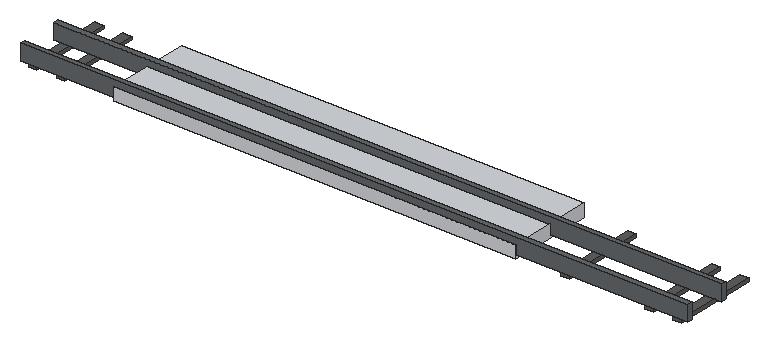
Revit family "1113-2, Solid", category Generic Models, host Face, Revit 2020
Family settings
  Host = Face
  Can host rebar = No
  Round Connector Dimension = Use Diameter
  Part Type = Normal
  Cut with Voids When Loaded = No
  Shared = No
  Room Calculation Point = No
Parameters
  min_value [instance] = 1' - 11 1/4"  # constant formula
  max_value [instance] = 11' - 11 1/4"  # constant formula
  actual_value [instance] = if(NET LENGTH < min_value, min_value, if(NET LENGTH > max_value, max_value, NET LENGTH))  # 7' - 11 1/4"
  SCRIM MATERIAL [instance] = SCRIM
  SCRIM [instance] = yes
  NET LENGTH [instance] = 7' - 11 1/4"
  Default Elevation = 4' - 0"
  BACKER MATERIAL [instance] = BLACK-BACKERS
  .. MEMBER WIDTH [instance] = 0' - 0 3/4"  # constant formula
  .. MEMBER MATERIAL [instance] = Solid Western Hemlock
  .. MEMBER LENGTH [instance] = actual_value  # 7' - 11 1/4"
  .. MEMBER DEPTH [instance] = 0' - 2 1/4"  # constant formula
  .. MEMBER COUNT [instance] = 2  # constant formula
  IMPORTANT NOTE!!!                                                                             *Backer layout is for visualization purposes only, final layout to be determined by 9Wood. [instance] = ""
Reference planes (in)
  plane 1 "Center (Front/Back)": y = 0
  plane 2: z = 1.82209
  plane 3 "Center (Left/Right)": x = 0
Forms (in)
  Extrusion 1, solid
    sketch origin (132, -33.80483, 0) x (1, 0, 0) y (0, 1, 0)
      loop
        line (-118.625, 33.80483) -> (-61.26146, 33.80483) -> (-61.26146, 45.86733) -> (-118.625, 45.86733) -> (-118.625, 33.80483)
    from 1.82209 to 0
Dimensions and locks (in)
  aligned and locked: Extrusion 1 to plane 2
  aligned and locked: plane 3 "Center (Left/Right)" to nested 1
Nested families (in)
  nested 1: "1100 SERIES CONFIG" at (0, 2, 0), .. MEMBER DEPTH <- ".. MEMBER DEPTH", .. MEMBER LENGTH <- ".. MEMBER LENGTH", .. MEMBER WIDTH <- ".. MEMBER WIDTH", .. MEMBER MATERIAL <- ".. MEMBER MATERIAL", BACKING M MATERIAL <- "BACKER MATERIAL", SCRIM  MATERIAL <- "SCRIM MATERIAL", .. MEMBER COUNT <- ".. MEMBER COUNT", SCRIM <- "SCRIM", type "1100 SERIES CONFIG"
    with X 7' - 8", SCRIM OVERHANG 2 0' - 0 3/32", SCRIM OVERHANG 0' - 0 7/8", SCRIM LENGTH 8' - 1", SCRIM  MATERIAL SCRIM, SCRIM yes, NOMINAL LENGTH 7, N 8, Inset 6' - 0 3/8", INSET 0' - 1", INDEX 0' - 5 5/8", HALF MEMBER WIDTH 0' - 0 3/8", HALF LENGTH 3' - 11 5/8", END BACKER yes, BACKING M WIDTH 0' - 1 1/4", BACKING M OC SPACING 1' - 0", BACKING M MATERIAL BLACK-BACKERS, BACKING M LENGTH 0' - 11 7/8", BACKING M DEPTH 0' - 0 1/2", BACKING M COUNT 8, 3/16" INSET 0' - 0 3/16", .. MEMBER WIDTH 0' - 0 3/4", .. MEMBER OC SPACING 0' - 6", .. MEMBER MATERIAL Solid Western Hemlock, .. MEMBER LENGTH 7' - 11 1/4", .. MEMBER DEPTH 0' - 2 1/4", .. MEMBER COUNT 2
Definition of nested family "1100 SERIES CONFIG"
  Parameters (values of type "1100 SERIES CONFIG")
    X [instance] = .. MEMBER LENGTH - 0' 3 1/4"  # 3' - 2"
    SCRIM OVERHANG 2 [instance] = 0' - 0 3/32"  # constant formula
    SCRIM OVERHANG [instance] = 0' - 0 7/8"  # constant formula
    SCRIM LENGTH [instance] = .. MEMBER LENGTH + (SCRIM OVERHANG * 2)  # 3' - 7"
    SCRIM  MATERIAL [instance] = none
    SCRIM [instance] = yes
    NOMINAL LENGTH [instance] = 7
    N [instance] = if((X - (rounddown(X / 1' 0") * 1' 0")) > 1' 0", rounddown(X / 1' 0") + 2, rounddown(X / 1' 0") + 1)  # 4
    Inset [instance] = 6' - 0 3/8"  # constant formula
    INSET [instance] = 0' - 1"  # constant formula
    INDEX [instance] = (.. MEMBER LENGTH - ((N - 1) * 1' 0")) / 2  # 0' - 2 5/8"
    HALF MEMBER WIDTH [instance] = .. MEMBER WIDTH / 2  # 0' - 0 5/16"
    HALF LENGTH [instance] = .. MEMBER LENGTH / 2  # 1' - 8 5/8"
    END BACKER [instance] = INDEX > 0' 3 5/8"  # no
    Default Elevation = 0' - 0"
    BACKING M WIDTH [instance] = 0' - 1 1/4"
    BACKING M SPACING = 3' - 3"
    BACKING M MATERIAL [instance] = none
    BACKING M LENGTH [instance] = 0' - 11 7/8"
    BACKING M DEPTH [instance] = 0' - 0 1/2"
    BACKING M COUNT [instance] = N  # 4
    BACKING M OC SPACING [instance] = 1' - 0"  # constant formula
    3/16" INSET [instance] = 0' - 0 3/16"  # constant formula
    .. MEMBER WIDTH [instance] = 0' - 0 5/8"
    .. MEMBER OC SPACING [instance] = 1' 0" / .. MEMBER COUNT  # 0' - 4"
    .. MEMBER MATERIAL [instance] = none
    .. MEMBER LENGTH [instance] = 3' - 5 1/4"
    .. MEMBER DEPTH [instance] = 0' - 1 3/8"
    .. MEMBER COUNT [instance] = 3
  Reference planes (in)
    plane 1 "Center (Front/Back)": y = -2
    plane 2: z = 0
    plane 3 "Center (Left/Right)": x = 0
    plane 4: x = 1
    plane 5: x = 2.625
    plane 6: x = 20.625
    plane 7: x = 41.25
    plane 8: x = 40.25
    plane 9: x = 14.625
    plane 10: y = -1.8125
    plane 11: y = -1.6875
    plane 12: y = 2.3125
    plane 13: x = 42.125
    plane 14: x = -0.875
    plane 15: z = 0.5
    plane 16: y = 10.0625
    plane 17: y = 10.15625
    plane 18: y = -2.09375
  Dimensions and locks (in)
    "INSET": plane 3 "Center (Left/Right)" to plane 4
    "INDEX": plane 3 "Center (Left/Right)" to plane 5
    "HALF LENGTH": plane 3 "Center (Left/Right)" to plane 6
    ".. MEMBER LENGTH": plane 3 "Center (Left/Right)" to plane 7
    "INSET": plane 8 to plane 7
    equal spacing: group 2, group 3, group 6, group 7  (x3)
    "3/16" INSET": plane 1 "Center (Front/Back)" to plane 10
    ".. MEMBER OC SPACING": plane 12 to plane 11
    "SCRIM OVERHANG": plane 14 to plane 3 "Center (Left/Right)"
    "SCRIM OVERHANG": plane 7 to plane 13
    equal spacing: group 5, group 4, group 1  (x2)
    equal spacing: group 1, group 4, group 5
    "HALF MEMBER WIDTH": plane 1 "Center (Front/Back)" to plane 11
    "BACKING M OC SPACING": plane 5 to plane 9
    "SCRIM OVERHANG 2": plane 17 to plane 16
    "SCRIM OVERHANG 2": plane 18 to plane 1 "Center (Front/Back)"
    aligned and locked: level to plane 2
    aligned and locked: plane 6 to nested 1
    aligned and locked: nested 2 to plane 4
    aligned and locked: plane 5 to nested 3
    aligned and locked: plane 1 "Center (Front/Back)" to nested 1
    aligned and locked: nested 2 to plane 10
    aligned and locked: nested 3 to plane 10
    aligned and locked: nested 5 to plane 10
    aligned and locked: nested 4 to plane 10
    aligned and locked: plane 12 to nested 6
    aligned and locked: nested 6 to plane 3 "Center (Left/Right)"
    aligned and locked: plane 9 to nested 5
    aligned and locked: plane 8 to nested 4
    aligned and locked: plane 15 to nested 2
    aligned and locked: nested 7 to plane 15
    aligned and locked: nested 6 to plane 15
  Nested families (in)
    nested 1: "INSTANCE - Parametric Cube" at (20.625, -1.6875, 1.875), Length <- ".. MEMBER WIDTH", Height <- ".. MEMBER DEPTH", Width <- ".. MEMBER LENGTH", Material <- ".. MEMBER MATERIAL", type "INSTANCE - Parametric Cube"
      with Width 3' - 5 1/4", Material none, Length 0' - 0 5/8", Height 0' - 1 3/8"
    nested 2: "2ND INSTANCE - Parametric Cube" at (1.625, 4.125, 0), Height <- "BACKING M DEPTH", Length <- "BACKING M LENGTH", Width <- "BACKING M WIDTH", Material <- "BACKING M MATERIAL", visible <- "END BACKER", type "2ND INSTANCE - Parametric Cube"
      with Width 0' - 1 1/4", Material none, Length 0' - 11 7/8", Height 0' - 0 1/2"
    nested 3: "2ND INSTANCE - Parametric Cube" at (2.625, 4.125, 0), Length <- "BACKING M LENGTH", Height <- "BACKING M DEPTH", Width <- "BACKING M WIDTH", Material <- "BACKING M MATERIAL", type "2ND INSTANCE - Parametric Cube"
      with Width 0' - 1 1/4", Material none, Length 0' - 11 7/8", Height 0' - 0 1/2"
    nested 4: "2ND INSTANCE - Parametric Cube" at (39.625, 4.125, 0), Width <- "BACKING M WIDTH", Length <- "BACKING M LENGTH", Height <- "BACKING M DEPTH", Material <- "BACKING M MATERIAL", visible <- "END BACKER", type "2ND INSTANCE - Parametric Cube"
      with Width 0' - 1 1/4", Material none, Length 0' - 11 7/8", Height 0' - 0 1/2"
    nested 5: "2ND INSTANCE - Parametric Cube" at (14.625, 4.125, 0), Length <- "BACKING M LENGTH", Height <- "BACKING M DEPTH", Width <- "BACKING M WIDTH", Material <- "BACKING M MATERIAL", type "2ND INSTANCE - Parametric Cube"
      with Width 0' - 1 1/4", Material none, Length 0' - 11 7/8", Height 0' - 0 1/2"
    nested 6: "INSTANCE - Parametric Cube" at (20.625, 2.3125, 1.875), Length <- ".. MEMBER WIDTH", Height <- ".. MEMBER DEPTH", Width <- ".. MEMBER LENGTH", Material <- ".. MEMBER MATERIAL", type "INSTANCE - Parametric Cube"
      with Width 3' - 5 1/4", Material none, Length 0' - 0 5/8", Height 0' - 1 3/8"
    nested 7: "INSTANCE - Parametric Cube" at (20.625, 6.3125, 1.875), Length <- ".. MEMBER WIDTH", Height <- ".. MEMBER DEPTH", Width <- ".. MEMBER LENGTH", Material <- ".. MEMBER MATERIAL", type "INSTANCE - Parametric Cube"
      with Width 3' - 5 1/4", Material none, Length 0' - 0 5/8", Height 0' - 1 3/8"
    nested 8: "2ND INSTANCE - Parametric Cube" at (26.625, 4.125, 0), Length <- "BACKING M LENGTH", Height <- "BACKING M DEPTH", Width <- "BACKING M WIDTH", Material <- "BACKING M MATERIAL", type "2ND INSTANCE - Parametric Cube"
      with Width 0' - 1 1/4", Material none, Length 0' - 11 7/8", Height 0' - 0 1/2"
    nested 9: "2ND INSTANCE - Parametric Cube" at (38.625, 4.125, 0), Length <- "BACKING M LENGTH", Height <- "BACKING M DEPTH", Width <- "BACKING M WIDTH", Material <- "BACKING M MATERIAL", type "2ND INSTANCE - Parametric Cube"
      with Width 0' - 1 1/4", Material none, Length 0' - 11 7/8", Height 0' - 0 1/2"
  Definition of nested family "INSTANCE - Parametric Cube"
    Parameters (values of type "INSTANCE - Parametric Cube")
      Width [instance] = 0' - 6"
      Material [instance] = none
      Length [instance] = 1' - 0"
      Height [instance] = 1' - 6"
      Default Elevation = 0' - 0"
    Reference planes (in)
      plane 1 "Center (Front/Back)": y = 0
      plane 2: z = 0
      plane 3 "Center (Left/Right)": x = 0
      plane 4: x = -3
      plane 5: x = 3
      plane 6: y = 6
      plane 7: y = -6
      plane 8: z = -18
    Forms (in)
      Extrusion 1, solid, material <- "Material"
        sketch origin (0, 0, 0) x (1, 0, 0) y (0, 1, 0)
          loop
            line (-3, 6) -> (-3, -6) -> (3, -6) -> (3, 6) -> (-3, 6)
        from -18 to 0
    Dimensions and locks (in)
      equal spacing: plane 4, plane 3 "Center (Left/Right)", plane 5
      equal spacing: plane 6, plane 1 "Center (Front/Back)", plane 7
      "Length": plane 6 to plane 7
      "Width": plane 4 to plane 5
      "Height": plane 8 to level
      aligned and locked: plane 2 to level
      aligned and locked: Extrusion 1 sketch curve to plane 6
      aligned and locked: plane 4 to Extrusion 1 sketch curve
      aligned and locked: plane 7 to Extrusion 1 sketch curve
      aligned and locked: Extrusion 1 sketch curve to plane 5
      aligned and locked: Extrusion 1 to plane 8
  Definition of nested family "2ND INSTANCE - Parametric Cube"
    Parameters (values of type "2ND INSTANCE - Parametric Cube")
      Width [instance] = 0' - 6"
      Material [instance] = none
      Length [instance] = 1' - 0"
      Height [instance] = 1' - 6"
      Default Elevation = 0' - 0"
    Reference planes (in)
      plane 1 "Center (Front/Back)": y = 0
      plane 2: z = 0
      plane 3 "Center (Left/Right)": x = 0
      plane 4: x = -3
      plane 5: x = 3
      plane 6: y = 6
      plane 7: y = -6
      plane 8: z = 18
    Forms (in)
      Extrusion 1, solid, material <- "Material"
        sketch origin (0, 0, 0) x (1, 0, 0) y (0, 1, 0)
          loop
            line (-3, 6) -> (-3, -6) -> (3, -6) -> (3, 6) -> (-3, 6)
        from 0 to 18
    Dimensions and locks (in)
      equal spacing: plane 4, plane 3 "Center (Left/Right)", plane 5
      equal spacing: plane 6, plane 1 "Center (Front/Back)", plane 7
      "Length": plane 6 to plane 7
      "Width": plane 4 to plane 5
      "Height": level to plane 8
      aligned and locked: plane 2 to level
      aligned and locked: Extrusion 1 sketch curve to plane 6
      aligned and locked: plane 4 to Extrusion 1 sketch curve
      aligned and locked: plane 7 to Extrusion 1 sketch curve
      aligned and locked: Extrusion 1 sketch curve to plane 5
      aligned and locked: plane 8 to Extrusion 1
      aligned and locked: Extrusion 1 to level
